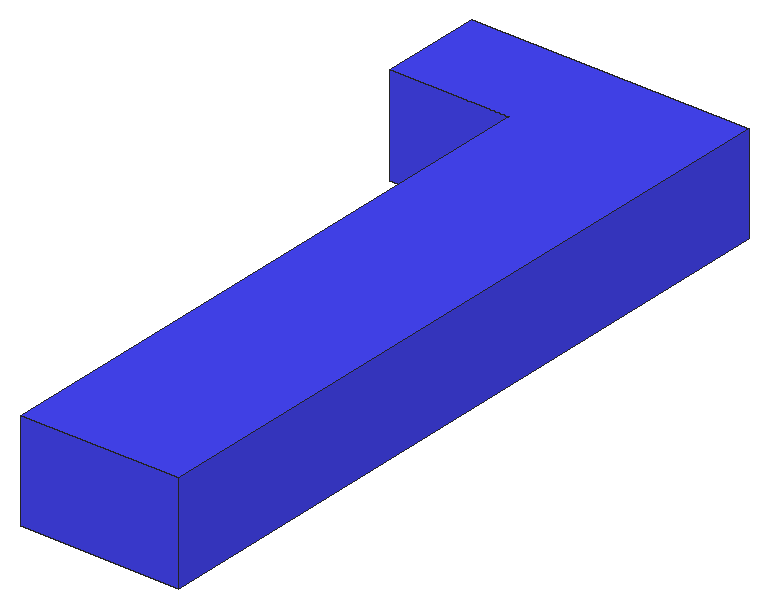
Revit family "Семейство1", category Обобщенные модели, Revit 2022
Family settings
  Может служить основой для арматурных стержней = Нет
  Размер круглого соединителя = Использовать диаметр
  Тип детали = Нормальный
  На основе рабочей плоскости = Нет
  Всегда вертикально = Да
  При загрузке вырезать с полостями = Нет
  Сохранять ориентацию аннотаций = Нет
  Общий = Нет
  Точка принадлежности помещению = Нет
Parameters
  Отметка по умолчанию = 0 mm
Reference planes
  plane 1 "По центру (Вперед/Назад)": y = 0
  plane 2: z = 0
  plane 3 "По центру (Влево/Вправо)": x = 0
Forms (mm)
  Extrusion 1, solid, material "Новый материал 1"
    sketch origin (0, -240, 0) x (1, 0, 0) y (0, 1, 0)
      loop
        line (-200, -660) -> (200, -660) -> (200, 1140) -> (-200, 1140) -> (-200, -660)
    from 0 to 250
  Extrusion 2, solid, material "Новый материал 1"
    sketch origin (-460, -244.8, 0) x (1, 0, 0) y (0, 1, 0)
      loop
        line (-40, 888.305) -> (260, 888.305) -> (260, 1144.8) -> (-40, 1144.8) -> (-40, 888.305)
    from 0 to 250
Cuts and joins
  joined: Extrusion 1, Extrusion 2
Dimensions and locks
  equal spacing: Extrusion 1, plane 3 "По центру (Влево/Вправо)", Extrusion 1
  equal spacing: Extrusion 1, plane 1 "По центру (Вперед/Назад)", Extrusion 1
  Extrusion 2 to Extrusion 2 = 300 mm
  Extrusion 2 to Extrusion 2 = 256.495 mm
  aligned and locked: level to plane 2
Automatic sketch dimensions
  Extrusion 1 sketch curve to plane 3 "По центру (Влево/Вправо)" = 200 mm
  plane 3 "По центру (Влево/Вправо)" to Extrusion 1 sketch curve = 200 mm
  plane 1 "По центру (Вперед/Назад)" to Extrusion 1 sketch curve = 900 mm
  Extrusion 1 sketch curve to plane 1 "По центру (Вперед/Назад)" = 900 mm
  Extrusion 2 sketch curve to plane 3 "По центру (Влево/Вправо)" = 500 mm
  Extrusion 2 sketch curve to plane 3 "По центру (Влево/Вправо)" = 200 mm
  Extrusion 2 sketch curve to plane 1 "По центру (Вперед/Назад)" = 643.505 mm
  Extrusion 2 sketch curve to plane 1 "По центру (Вперед/Назад)" = 900 mm
